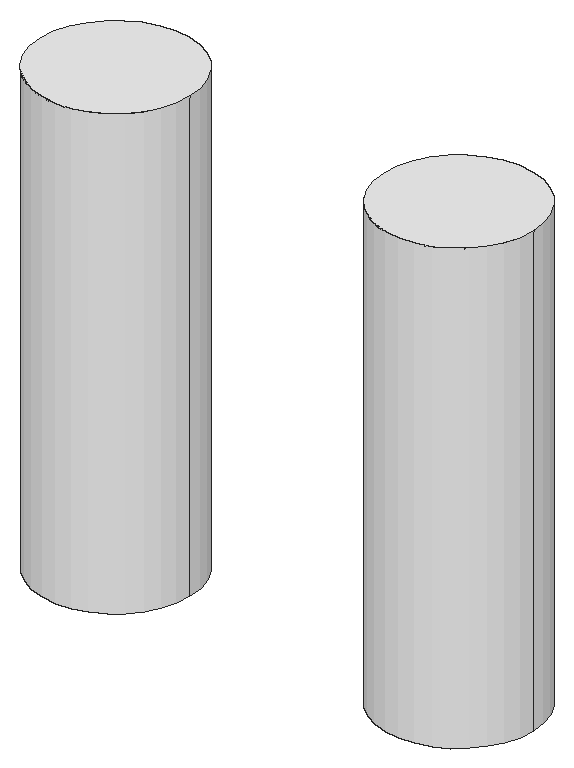
Revit family "921022190004(2023)", category Plumbing Fixtures, Revit 2020
Family settings
  Round Connector Dimension = Use Diameter
  Part Type = Normal
  OmniClass Number = 23.45.55.00
  OmniClass Title = Sanitary Faucets, Wastes
  Work Plane-Based = No
  Always vertical = Yes
  Cut with Voids When Loaded = No
  Shared = No
  Room Calculation Point = No
Parameters (values of type "921022190004 Washbasin faucet, 3 V, Bluetooth")
  Working Pressure = "100 - 1000 kPa"
  WarrantyStartDate [instance] = "n/a"
  WarrantyGuarantorParts = "n/a"
  WarrantyGuarantorLabor = "n/a"
  WarrantyDurationUnit = "Year"
  WarrantyDurationParts = "n/a"
  WarrantyDurationLabor = "n/a"
  WarrantyDescription = "http://warranty.hansa.com"
  Warranty Information URL = "http://warranty.hansa.com"
  VersionDate = "01/06/2023"
  Version = "1"
  ValvePattern = "n/a"
  ValveOperation = "n/a"
  ValveMechanism = "n/a"
  Uniclass2015Reference = "Pr_40_20_87_96"
  Uniclass2015Description = "Washbasin manual water supply sets"
  Uniclass2 = "Pr_40_30_96_96"
  URL WEEE = "http://static.hansa.com/WEEE/921022190004"
  URL UWL = "http://static.hansa.com/UWL/921022190004"
  URL REACH = "http://static.hansa.com/doc/reach"
  URL EcoLabel Declaration = "http://static.hansa.com/doc/EcoLabel"
  URL EU Packaging Declaration = "http://static.hansa.com/doc/packaging"
  URL Declaration of SCIP = "http://static.hansa.com/doc/SCIP"
  URL Declaration of Conformity = "http://static.hansa.com/DoC/921022190004"
  URL Declaration of Asbestos = "http://static.hansa.com/doc/asbestos"
  URL Declaration Of Performance (DOP) = "http://static.hansa.com/doc/DoP"
  URL = ""
  UNSPSC Class Number = "30181700 Faucets or taps"
  Type Comments = ""
  TestPressure = "n/a"
  Temperature Adjustments = "Adjustable hot water stop (included, retrofittable)"
  Technical DataSheet URL = "http://www.hansa.com/datasheet/921022190004/en"
  TagNumber [instance] = "n/a"
  SustainabilityPerformance = "n/a"
  Surface treatment = "Chrome"
  Spout Type = "Fixed spout"
  Spout Projection = "117 mm"
  Size = "70x165x135 mm"
  Shape = "Sculptured"
  SerialNumber [instance] = "n/a"
  Sales Package dimensions (LxWxH) = "284 x 191 x 83.5"
  Revision = "n/a"
  ReplacementCost = "n/a"
  Protection Class = "IP 55"
  ProductInformation = "n/a"
  Product URL = "http://static.hansa.com/921022190004"
  Product Image URL = "http://static.hansa.com/image/921022190004"
  Product Family = "HANSAELECTRA Eco+"
  Product Code = "921022190004"
  OperatingMechanismMaterial = "n/a"
  Operating Voltage = 39 V
  Operating Distance = "20-130 mm (110/130/160 mm)"
  NominalWidth = 69.286 mm
  NominalHeight = 135.012 mm
  NominalDepth = 163.081 mm
  Noise Class = "I (ISO 3822) "
  Name_en = "921022190004 Washbasin faucet, 3 V, Bluetooth"
  Name = "921022190004 Washbasin faucet, 3 V, Bluetooth"
  NBSReference = "45-35-70/371"
  NBSDescription = "Water supply fittings for wash basins and troughs"
  Mounting Holes = "1 hole"
  ModelReference = "921022190004"
  ModelNumber = "n/a"
  Model = "921022190004 Washbasin faucet, 3 V, Bluetooth"
  Mobile Product Information URL = "http://mpi.hansa.com/921022190004"
  Mechanical Parts = "Mixing valve for manual temperature control;Non-return valve(s);Litter filter(s)"
  Max. Hot Water Supply = 70 °C
  Max Flow Period = "2 min (1 - 1800 s)"
  Material = "Composite"
  Market = "International;Germany;Austria;Switzerland;Belgium;Netherlands;Italy"
  ManufacturerURL = "http://www.hansa.com"
  ManufacturerName = "HANSA"
  Manufacturer = "HANSA"
  Long Marketing = "Electra 92 series is giving you a whole new modern design with its rounded square body and spout. Giving you new fresh and updated design.\nDesign compliments the new trends of the modern bathroom with its more squared design.\n\nKey Features\nAerator with Eco flow limitation for ECO building installation\nNewest Sensor technology for better detection and operation comfort\nBluetooth technology for easy adjustment to personalize settings \nAntiscalding protection\nTemperature measurement\nBattery and power cable"
  Lever Handle = "Temperature control handle"
  Keynote = ""
  InstallationDate [instance] = "n/a"
  Installation Type = "Deck mounted"
  InletConnectionSize = 10 mm
  IfcExportType = "FAUCET"  # constant formula
  IfcExportAs = "IfcValveType"  # constant formula
  Group = "Washbasin faucet"
  Grade = "n/a"
  FlowCoefficient = 0
  Flow Rate At 300kPa With Flow Controller = 0.06 L/s
  Flow Drawing URL = "http://static.hansa.com/flowchart/921022190004"
  Finish = "Polished"
  Features = "Touchless;Battery-operated;External transformer;Bluetooth®;Lead free"
  FaucetMainMaterial = Brass
  FDV Document URL = "http://www.hansa.com/datasheet/921022190004/en/fdv"
  ExpectedLife = "n/a"
  Electronic Parts = ";Light indicated function(s);Low battery indicator"
  Electrical Connection = "9 V"
  ETIM Class Number = "EC010340 Electronic tap"
  EN Standard = "EN 15091"
  EMC Directive = "2014/53/EU , 2011/65/EU"
  EAN Number = "4057304019302"
  DurationUnit = "Year"
  Dimension Drawing URL = "http://static.hansa.com/dimdrw/921022190004"
  Description = ""
  DefaultElevation [instance] = 900 mm
  Default Elevation = 0 mm
  Constituents = "n/a"
  Connection Size = "G3/8"
  Connection = "Flexible inlet pipes"
  Color = "Chrome"
  CodePerformance = "n/a"
  CloseOffRating = 0
  Catalog Drawing URL = "http://static.hansa.com/catdrw/921022190004"
  Brand = "HANSA"
  BodyMaterial = "Brass"
  Bluetooth = "5.x (D060576)"
  Battery = "AA 1.5 V Lithium x 2"
  Barcode [instance] = "n/a"
  Backflow Prevention EN1717 = "EB"
  BIMObjectName = "921022190004(2023)"
  Automatic Flush Period = "30 s (1-1800 s)"
  Automatic Flush Frequency = "off (off/1-120 h)"
  Author = "BIMStone"
  AssetType = "Fixed"
  AssetIdentifier [instance] = "n/a"
  Afterflow Period = "3 s (1-20 s)"
  Aerator = "PCA® - constant flow rate regardless of pressure variations;Adjustable flow angle"
  Advanced Features = "3S-installation system for safe and simple mounting"
  AccessibilityPerformance = "n/a"
  2D/3D/BIM Files URL = "http://static.hansa.com/bim/921022190004"
Reference planes
  plane 1 "Center (Front/Back)": y = 0
  plane 2: z = 0
  plane 3 "Center (Left/Right)": x = 0
  plane 4: x = -27.304
  plane 5: z = 900
  plane 6: z = 870
  plane 7: y = -163.081
  plane 8: x = 27.304
  plane 9: z = 1035.012
  plane 10: x = 41.982
Forms (mm)
  Extrusion 1, solid, material "Brass" <- "FaucetMainMaterial"
    sketch origin (0, -2.393, 0) x (1, 0, 0) y (0, 1, 0)
      loop
        circle (-11.5, -22.5) r 5
      loop
        circle (11.5, -22.5) r 5
    from 870 to 900
Dimensions and locks
  "DefaultElevation": plane 5 to level
  locked: plane 5 to plane 6 at 30
  "NominalDepth": plane 7 to plane 1 "Center (Front/Back)"
  equal spacing: plane 4, plane 3 "Center (Left/Right)", plane 8
  "NominalHeight": plane 9 to plane 5
  locked: plane 8 to plane 10 at 14.678
  "NominalWidth": plane 4 to plane 10
  "InletConnectionSize": diameter of Extrusion 1 sketch curve  (x2)
  aligned and locked: level to plane 2
  aligned and locked: plane 5 to Extrusion 1
  aligned and locked: Extrusion 1 to plane 6
  aligned and locked: plane 1 "Center (Front/Back)" to nested 2
  aligned and locked: plane 3 "Center (Left/Right)" to nested 2
  aligned and locked: plane 3 "Center (Left/Right)" to nested 1
  aligned and locked: plane 1 "Center (Front/Back)" to nested 1
  aligned and locked: plane 5 to nested 2
Automatic sketch dimensions
  Extrusion 1 sketch curve to plane 3 "Center (Left/Right)" = 11.5 mm
  plane 3 "Center (Left/Right)" to Extrusion 1 sketch curve = 11.5 mm
  plane 1 "Center (Front/Back)" to Extrusion 1 sketch curve = 24.893 mm
  Extrusion 1 sketch curve to Extrusion 1 sketch curve = 0 mm
Nested families
  nested 1: "Symbol" at (0, 0, 0), type "Symbol", detail levels coarse
  nested 2: "921022190004(2023)_Body" at (0, 0, 900), Material <- "FaucetMainMaterial", type "921022190004(2023)_Body"
    with Material Brass
Connectors
  piping at (-11.5, -24.893, 870), diameter 10, driven by "InletConnectionSize"
    settings: on Extrusion 1, index 1, connector inside diameter 609.6 mm, connector length 0 mm, flow factor 0, pipe flow 0.2 L/s, pressure drop 0.0 Pa, fitting loss kfactor 0, connector angle 0.00°, fixture units 0, engagement length 0 mm, angle of deflection 0.00°, flow configuration 1, flow direction 1, fitting loss method 0, system type 19, joint type 0, gender type 0, connector reference index -1, connector utility 0, adjustable connector no, is connector primary yes, connector description ""
  piping at (11.5, -24.893, 870), diameter 10, driven by "InletConnectionSize"
    settings: on Extrusion 1, index 2, connector inside diameter 609.6 mm, connector length 0 mm, flow factor 0, pipe flow 0.2 L/s, pressure drop 0.0 Pa, fitting loss kfactor 0, connector angle 0.00°, fixture units 0, engagement length 0 mm, angle of deflection 0.00°, flow configuration 1, flow direction 1, fitting loss method 0, system type 20, joint type 0, gender type 0, connector reference index -1, connector utility 0, adjustable connector no, is connector primary no, connector description ""
Definition of nested family "Symbol"
  Reference planes
    plane 1: y = 0
    plane 2: x = 0
  Lines and regions (mm)
    detail lines
      curve 1: line (0, 0, 0) -> (0, -1.8, 0)
      curve 2: line (-0.4, -1.1, 0) -> (0.4, -1.1, 0)
      curve 3: line (-0.4, -1.4, 0) -> (0.4, -1.4, 0)
      curve 4: line (0.863, 0, 0) -> (-0.863, 0, 0)
      curve 5: circle (-1.163, 0, 0) r 0.3 normal (0, 0, -1)
      curve 6: circle (1.163, 0, 0) r 0.3 normal (0, 0, 1)
